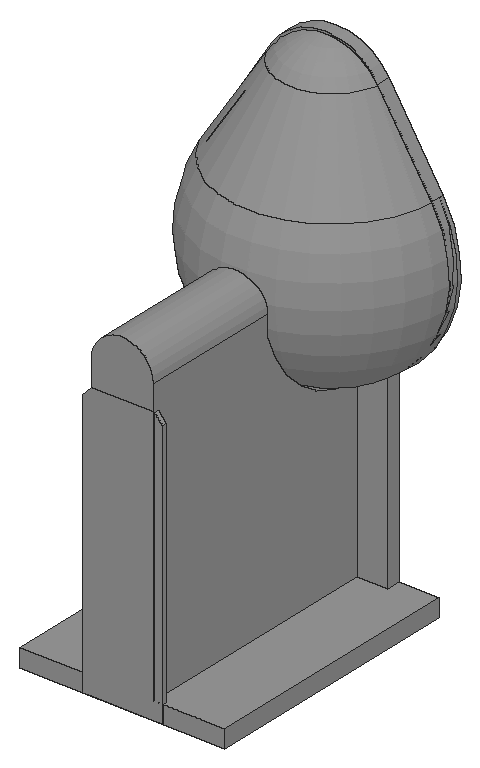
Revit family "Toilet-Willoughby-1490-HET-ETWS-FM-TS", category Plumbing Fixtures, host Face, Revit 2014
Parameters (values of type "Standard")
  Waste DIA = 2 1/4"
  Waste Connection = yes
  W-RAD [instance] = Waste DIA / 2  # 0' - 1 1/8"
  Vent Connection = no
  URL = "www.willoughby-ind.com"
  Type Comments = "Siphon Jet Flush"
  Revision = "A"
  Model = "ETWS-1490-HET-FM-TS"
  Manufacturer = "Willoughby Industries"
  HW Connection = no
  Flush inlet DIA = 1 1/2"
  Flush Inlet Connection = yes
  Fixture Body = Stainless Steel AISI 304-Willoughby
  F-RAD [instance] = Flush inlet DIA / 2  # 0' - 0 3/4"
  Description = "Floor Mounted Toilet"
  Default Elevation = 0' - 0"
  Contact Number = "(800) 428-4065"
  CW Connection = no
Reference planes (in)
  plane 1 "Base": y = -16.25
  plane 2: z = 0
  plane 3 "Center": x = 18.31072
  plane 4 "Seat HGT": y = -1.25
  plane 5: y = -2.125
  plane 6: x = 16.56072
  plane 7: x = 20.06072
  plane 8: x = 12.56072
  plane 9: x = 24.06072
  plane 10: z = 2.70924
  plane 11 "Waste HGT": y = -10.75
Forms (in)
  Extrusion 1, solid, material "Stainless Steel AISI 304-Willoughby" <- "Fixture Body"
    sketch origin (16.08109, 7.47968, -5.1422) x (-1, 0, 0) y (0, 0, -1)
      loop
        line (1.29775, -16.80087) -> (1.29775, -5.1422) -> (-5.72963, -5.1422) -> (-5.72963, -16.81676)
        arc (-5.72963, -16.81676) -> (-8.98136, -21.11843) -> (-8.21015, -26.45542) r 7
        line (-8.21015, -26.45542) -> (-5.16818, -31.31054)
        arc (-5.16818, -31.31054) -> (-2.20225, -32.95225) -> (0.76368, -31.31054) r 3.5
        line (0.76368, -31.31054) -> (3.80565, -26.45542)
        arc (3.80565, -26.45542) -> (4.5729, -21.10311) -> (1.29775, -16.80087) r 7
      loop
        arc (2.03989, -24.70557) -> (-2.20225, -18.23804) -> (-6.44438, -24.70557) r 4.625
        line (-6.44438, -24.70557) -> (-4.04125, -30.23842)
        arc (-4.04125, -30.23842) -> (-2.20225, -31.45225) -> (-0.36324, -30.23842) r 2
        line (-0.36324, -30.23842) -> (2.03989, -24.70557)
    from 8.72968 to 9.5
  Revolve 2, solid, material "Stainless Steel AISI 304-Willoughby" <- "Fixture Body"
    sketch origin (19.37246, -1.52032, -1.93826) x (-1, 0, 0) y (0, 0, -1)
      loop
        line (1.06174, -12.59906) -> (1.06174, -12.84906)
        arc (1.06174, -12.84906) -> (6.96784, -16.33096) -> (6.78077, -23.18447) r 6.75
        line (6.78077, -23.18447) -> (3.81535, -27.91457)
        arc (3.81535, -27.91457) -> (2.63527, -29.03194) -> (1.06174, -29.43826) r 3.25
        line (1.06174, -29.43826) -> (1.06174, -29.68826)
        arc (1.06174, -29.68826) -> (2.75672, -29.25045) -> (4.02767, -28.04656) r 3.5
        line (4.02767, -28.04656) -> (7.06964, -23.19143)
        arc (7.06964, -23.19143) -> (7.15052, -16.14555) -> (1.06174, -12.59906) r 7
      axis (1.06174, -12.59906) -> (1.06174, -29.68826)
    angle from 0 to -180
  Extrusion 3, solid, material "Stainless Steel AISI 304-Willoughby" <- "Fixture Body"
    sketch origin (19.53334, -3.02032, -2.9508) x (0, 1, 0) y (0, 0, 1)
      loop
        line (-5.27082, 2.9508) -> (1, 2.9508) -> (1, 13.76086)
        arc (1, 13.76086) -> (-2.93256, 15.26109) -> (-5.27082, 18.76086) r 6.92744
        line (-5.27082, 18.76086) -> (-5.27082, 2.9508)
    from 0.52738 to -2.97262
  Extrusion 4, solid, material "Stainless Steel AISI 304-Willoughby" <- "Fixture Body"
    sketch origin (0, 14.59309, 0) x (1, 0, 0) y (0, 1, 0)
      loop
        circle (18.31072, -25.34309) r 1.125
    from 1 to -3
  Extrusion 5, solid, material "Stainless Steel AISI 304-Willoughby" <- "Fixture Body"
    sketch origin (0, 1.11185, 0) x (1, 0, 0) y (0, 0, 1)
      loop
        circle (18.31072, 2.70924) r 0.75
    from 2.36185 to 1.42435
  Extrusion 6, solid, material "Stainless Steel AISI 304-Willoughby" <- "Fixture Body"
    sketch origin (0, -16.25, 0) x (1, 0, 0) y (0, 0, 1)
      loop
        line (24.06072, 0) -> (24.06072, 1) -> (12.56072, 1) -> (12.56072, 0) -> (24.06072, 0)
    from -15 to 0
  Extrusion 7, solid, material "Stainless Steel AISI 304-Willoughby" <- "Fixture Body"
    sketch origin (0, -16.25, 2) x (1, 0, 0) y (0, 0, 1)
      loop
        line (20.06072, -2) -> (20.06072, 14.90818)
        arc (20.06072, 14.90818) -> (18.31072, 16.65818) -> (16.56072, 14.90818) r 1.75
        line (16.56072, 14.90818) -> (16.56072, -2) -> (20.06072, -2)
    from 0 to -7.95886
  Extrusion 8, solid, material "Stainless Steel AISI 304-Willoughby" <- "Fixture Body"
    sketch origin (0, -16.25, 0) x (1, 0, 0) y (0, 0, 1)
      loop
        line (20.56072, 0) -> (20.56072, 15) -> (20.06072, 15.5) -> (16.56072, 15.5) -> (16.06072, 15) -> (16.06072, 0) -> (16.56072, 0) -> (20.06072, 0) -> (20.56072, 0)
    from 0 to -0.25
Cuts and joins
  joined: Extrusion 1, Extrusion 3, Extrusion 6, Extrusion 7
Lines and regions (in)
  symbolic lines
    curve 1: line (11.28334, -2.02032, 0) -> (11.28334, -1.25, 0)
    curve 2: line (11.28334, -1.25, 0) -> (25.28334, -1.25, 0)
    curve 3: line (25.28334, -1.25, 0) -> (25.28334, -2.02032, 0)
    curve 4: arc (25.28334, -2.02032, 0) -> (23.09313, -6.63388, 0) -> (18.31072, -8.42567, 0) r 6.80689
    curve 5: arc (18.31072, -8.42567, 0) -> (13.5366, -6.60582, 0) -> (11.28334, -2.02032, 0) r 6.97572
    curve 6: line (20.06072, -8.24384, 0) -> (20.06072, -16.25, 0)
    curve 7: line (20.06072, -16.25, 0) -> (16.56072, -16.25, 0)
    curve 8: line (16.56072, -16.25, 0) -> (16.56072, -8.22198, 0)
    curve 9: line (20.06072, -16, 0) -> (20.56072, -16, 0)
    curve 10: line (20.56072, -16, 0) -> (20.56072, -16.25, 0)
    curve 11: line (20.56072, -16.25, 0) -> (20.06072, -16.25, 0)
    curve 12: line (16.56072, -16.25, 0) -> (16.06072, -16.25, 0)
    curve 13: line (16.06072, -16.25, 0) -> (16.06072, -16, 0)
    curve 14: line (16.06072, -16, 0) -> (16.56072, -16, 0)
    curve 15: line (14.78334, -16.25, 11.65867) -> (14.78334, -16.25, 1)
    curve 16: line (14.78334, -16.25, 1) -> (12.56072, -16.25, 1)
    curve 17: line (12.56072, -16.25, 1) -> (12.56072, -16.25, 0)
    curve 18: line (12.56072, -16.25, 0) -> (24.06072, -16.25, 0)
    curve 19: line (24.06072, -16.25, 0) -> (24.06072, -16.25, 1)
    curve 20: line (24.06072, -16.25, 1) -> (21.81072, -16.25, 1)
    curve 21: line (21.81072, -16.25, 1) -> (21.81072, -16.25, 11.67456)
    curve 22: arc (21.81072, -16.25, 11.67456) -> (25.08219, -16.25, 15.93563) -> (24.31862, -16.25, 21.25317) r 6.91893
    curve 23: line (24.31862, -16.25, 21.25317) -> (21.25205, -16.25, 26.1639)
    curve 24: arc (21.25205, -16.25, 26.1639) -> (19.98062, -16.25, 27.37097) -> (18.28334, -16.25, 27.81005) r 3.5
    curve 25: arc (18.28334, -16.25, 27.81005) -> (16.58835, -16.25, 27.37224) -> (15.31741, -16.25, 26.16835) r 3.5
    curve 26: line (15.31741, -16.25, 26.16835) -> (12.27544, -16.25, 21.31322)
    curve 27: arc (12.27544, -16.25, 21.31322) -> (11.4489, -16.25, 15.94551) -> (14.78334, -16.25, 11.65867) r 6.86091
    curve 33: line (18.31072, -1.25, 0) -> (18.31072, -1.25, 27.81005)
    curve 34: line (18.31072, -1.25, 27.81005) -> (18.31072, -2.02032, 27.81005)
    curve 35: arc (18.31072, -2.02032, 27.81005) -> (18.31072, -3.31581, 27.28032) -> (18.31072, -4.32667, 26.31229) r 3.74829
    curve 36: line (18.31072, -4.32667, 26.31229) -> (18.31072, -7.52822, 21.25317)
    curve 37: arc (18.31072, -7.52822, 21.25317) -> (18.31072, -8.12776, 20.00538) -> (18.31072, -8.42353, 18.65299) r 5.96518
    curve 38: arc (18.31072, -8.42353, 18.65299) -> (18.31072, -8.30768, 17.23383) -> (18.31072, -8.29114, 15.81005) r 20.39456
    curve 39: arc (18.31072, -8.29114, 15.81005) -> (18.31072, -5.95289, 12.31029) -> (18.31072, -2.02032, 10.81005) r 6.92744
    curve 40: line (18.31072, -8.42353, 18.65299) -> (18.31072, -16.25, 18.65299)
    curve 41: line (18.31072, -16.25, 18.65299) -> (18.31072, -16.25, 0)
    curve 42: line (18.31072, -16.25, 0) -> (18.31072, -1.25, 0)
    curve 43: line (18.31072, -1.25, 1) -> (18.31072, -16.25, 1)
    curve 44: line (18.31072, -2.02032, 1) -> (18.31072, -2.02032, 11.75)
    curve 45: line (18.31072, -2.02032, 11.75) -> (18.31072, -1.25, 11.75)
    curve 46: arc (18.31072, -2.02032, 10.81005) -> (18.31072, -5.95289, 12.31029) -> (18.31072, -8.29114, 15.81005) r 6.92744
    curve 47: line (24.06072, -5.5301, 0) -> (24.06072, -16.25, 0)
    curve 48: line (12.56072, -16.25, 0) -> (12.56072, -5.50681, 0)
    curve 49: line (24.06072, -16.25, 0) -> (12.56072, -16.25, 0)
  symbolic lines, detail levels fine
    curve 28: arc (14.0412, -16.25, 19.56337) -> (18.28334, -16.25, 13.09585) -> (22.52547, -16.25, 19.56337) r 4.625
    curve 29: line (22.52547, -16.25, 19.56337) -> (20.12234, -16.25, 25.09622)
    curve 30: arc (20.12234, -16.25, 25.09622) -> (19.38317, -16.25, 25.97635) -> (18.28334, -16.25, 26.31005) r 2.01767
    curve 31: arc (18.28334, -16.25, 26.31005) -> (17.17969, -16.25, 25.98213) -> (16.44433, -16.25, 25.09622) r 1.9827
    curve 32: line (16.44433, -16.25, 25.09622) -> (14.0412, -16.25, 19.56337)
Dimensions and locks (in)
  plane 1 "Base" to plane 4 "Seat HGT" = 1' - 3"
  locked: plane 11 "Waste HGT" to plane 1 "Base" at 5.5
  locked: plane 1 "Base" to plane 11 "Waste HGT" at 5.5
  locked: plane 8 to plane 3 "Center" at 5.75
  "W-RAD": radius of Extrusion 4 sketch curve
  "F-RAD": radius of Extrusion 5 sketch curve
  aligned and locked: plane 2 to host face
  aligned and locked: level to host face
  aligned and locked: plane 3 "Center" to Extrusion 4 sketch curve
  aligned and locked: plane 3 "Center" to Extrusion 5 sketch curve
  aligned and locked: plane 10 to Extrusion 5 sketch curve
  aligned and locked: plane 11 "Waste HGT" to Extrusion 4 sketch curve
  aligned and locked: cut or joined group of Extrusion 1, Extrusion 3, Extrusion 6, Extrusion 7 to level
  aligned and locked: cut or joined group of Extrusion 1, Extrusion 3, Extrusion 6, Extrusion 7 to cut or joined group of Extrusion 1, Extrusion 3, Extrusion 6, Extrusion 7
Automatic sketch dimensions
  host sketch curve to host sketch curve = 3' - 9.87356"
  host sketch curve to host sketch curve = 3' - 3.61225"
  Extrusion 1 sketch curve to Extrusion 1 sketch curve = 0' - 0"  (x8)
  level to Extrusion 1 sketch curve = 0' - 0"
  plane 3 "Center" to Extrusion 1 sketch curve = 0' - 5.98052"
  Extrusion 1 sketch curve to Extrusion 1 sketch curve = 0' - 1.76576"  (x2)
  plane 3 "Center" to Extrusion 1 sketch curve = 0' - 3 1/2"
  plane 3 "Center" to Extrusion 1 sketch curve = 0' - 2.93855"
  Extrusion 1 sketch curve to Extrusion 1 sketch curve = 0' - 1.12693"  (x2)
  Extrusion 1 sketch curve to plane 3 "Center" = 0' - 0.02738"  (x2)
  Extrusion 1 sketch curve to plane 3 "Center" = 0' - 1.86639"
  Extrusion 1 sketch curve to plane 3 "Center" = 0' - 3.52738"
  Extrusion 1 sketch curve to plane 3 "Center" = 0' - 4 69/256"
  Extrusion 1 sketch curve to Extrusion 1 sketch curve = 0' - 11.65867"
  Extrusion 1 sketch curve to Extrusion 1 sketch curve = 0' - 0.01589"
  Extrusion 1 sketch curve to Extrusion 1 sketch curve = 0' - 6.06218"
  Extrusion 1 sketch curve to Extrusion 1 sketch curve = 0' - 1.74985"
  Extrusion 1 sketch curve to Extrusion 1 sketch curve = 0' - 4.74668"
  Extrusion 1 sketch curve to Extrusion 1 sketch curve = 0' - 0.78617"
  Extrusion 1 sketch curve to Extrusion 1 sketch curve = 0' - 1.07212"
  Revolve 2 sketch curve to Revolve 2 sketch curve = 0' - 0"  (x2)
  Revolve 2 sketch curve to plane 3 "Center" = 0' - 0"  (x3)
  plane 3 "Center" to Revolve 2 sketch curve = 0' - 0"
  Revolve 2 sketch curve to plane 3 "Center" = 0' - 2.75361"
  Revolve 2 sketch curve to Revolve 2 sketch curve = 0' - 0.21232"
  Revolve 2 sketch curve to Revolve 2 sketch curve = 0' - 2.96542"
  Revolve 2 sketch curve to Revolve 2 sketch curve = 0' - 0.28887"
  level to Revolve 2 sketch curve = 2' - 3 3/4"
  Revolve 2 sketch curve to Revolve 2 sketch curve = 0' - 0 1/4"
  Revolve 2 sketch curve to Revolve 2 sketch curve = 0' - 1.3917"
  Revolve 2 sketch curve to Revolve 2 sketch curve = 0' - 0.13199"
  Revolve 2 sketch curve to Revolve 2 sketch curve = 0' - 4.85513"
  Revolve 2 sketch curve to Revolve 2 sketch curve = 0' - 0.00696"
  Revolve 2 sketch curve to Revolve 2 sketch curve = 0' - 3 1/4"
  Revolve 2 sketch curve to Revolve 2 sketch curve = 0' - 3.3392"
  Revolve 2 sketch curve to Revolve 2 sketch curve = 0' - 2.4108"
  level to Extrusion 3 sketch curve = 0' - 0"
  plane 5 to Extrusion 3 sketch curve = 0' - 0.10468"
  plane 4 "Seat HGT" to Extrusion 3 sketch curve = 0' - 0.38413"
  Extrusion 3 sketch curve to Extrusion 3 sketch curve = 0' - 10.81005"
  Extrusion 3 sketch curve to Extrusion 3 sketch curve = 0' - 5"
  Extrusion 6 sketch curve to plane 8 = 0' - 0"
  Extrusion 6 sketch curve to plane 9 = 0' - 0"
  Extrusion 6 sketch curve to level = 0' - 0"
  level to Extrusion 6 sketch curve = 0' - 1"
  level to Extrusion 7 sketch curve = 0' - 0"
  Extrusion 7 sketch curve to plane 7 = 0' - 0"
  plane 10 to Extrusion 7 sketch curve = 1' - 2.19894"
  plane 6 to Extrusion 7 sketch curve = 0' - 0"
  Extrusion 3 sketch curve to Extrusion 3 sketch curve = 0' - 6.27082"
  Extrusion 8 sketch curve to level = 0' - 0"
  Extrusion 8 sketch curve to plane 6 = 0' - 0"  (x2)
  Extrusion 8 sketch curve to plane 7 = 0' - 0"  (x2)
  Extrusion 8 sketch curve to Extrusion 8 sketch curve = 0' - 0 1/2"  (x3)
  plane 7 to Extrusion 8 sketch curve = 0' - 0 1/2"
  plane 10 to Extrusion 8 sketch curve = 1' - 0.29076"
  curve 24 to curve 25 = 0' - 0"
  curve 18 to level = 0' - 0"
  curve 18 to plane 8 = 0' - 0"
  curve 19 to plane 9 = 0' - 0"
  curve 26 to plane 8 = 0' - 0.28528"
  curve 15 to plane 6 = 0' - 1.77738"
  curve 26 to plane 6 = 0' - 1.24331"
  curve 27 to plane 3 "Center" = 0' - 0.22129"
  curve 30 to plane 3 "Center" = 0' - 0.03902"
  curve 30 to curve 31 = 0' - 0.0002"
  curve 28 to plane 3 "Center" = 0' - 0.02738"
  curve 31 to curve 25 = 0' - 0.01144"
  plane 3 "Center" to curve 22 = 0' - 0.07815"
  plane 7 to curve 29 = 0' - 0.06162"
  plane 7 to curve 23 = 0' - 1.19133"
  plane 7 to curve 21 = 0' - 1 3/4"
  curve 29 to plane 9 = 0' - 1.53525"
  plane 9 to curve 23 = 0' - 0.2579"
  level to curve 16 = 0' - 1"
  level to curve 20 = 0' - 1"
  plane 10 to curve 15 = 0' - 8.94943"
  curve 15 to curve 21 = 0' - 0.01589"
  curve 15 to curve 27 = 0' - 6.01181"
  curve 27 to curve 22 = 0' - 0.01762"
  curve 22 to curve 28 = 0' - 0.03275"
  curve 29 to curve 22 = 0' - 1.6898"
  curve 29 to curve 30 = 0' - 4.72905"
  curve 30 to curve 24 = 0' - 0.01763"
  curve 25 to curve 31 = 0' - 0.01733"
  curve 25 to curve 29 = 0' - 0.78617"
  curve 29 to curve 23 = 0' - 1.06768"
  plane 8 to curve 28 = 0' - 1 123/256"
  curve 31 to plane 6 = 0' - 0.11639"
  curve 31 to curve 30 = 0' - 0"
  curve 39 to curve 46 = 0' - 0"
  curve 42 to level = 0' - 0"
  curve 42 to plane 1 "Base" = 0' - 0"
  curve 42 to plane 4 "Seat HGT" = 0' - 0"
  plane 1 "Base" to curve 38 = 1' - 0.43017"
  plane 11 "Waste HGT" to curve 40 = 0' - 2.32647"
  curve 40 to curve 36 = 0' - 0.89531"
  curve 36 to plane 5 = 0' - 2.20167"
  curve 37 to plane 5 = 0' - 0.36257"
  plane 5 to curve 45 = 0' - 0.10468"
  plane 5 to curve 34 = 0' - 0.10468"
  plane 4 "Seat HGT" to curve 39 = 0' - 0.38413"
  plane 4 "Seat HGT" to curve 35 = 0' - 0.02434"
  plane 10 to curve 45 = 0' - 9.04076"
  plane 10 to curve 38 = 1' - 1.57584"
  curve 45 to curve 46 = 0' - 5.97672"
  curve 39 to curve 37 = 0' - 0.33659"
  curve 38 to curve 41 = 0' - 2.36791"
  curve 37 to curve 35 = 0' - 6.07343"
  curve 35 to curve 36 = 0' - 2.17556"
  plane 11 "Waste HGT" to curve 46 = 0' - 2.45886"
  level to curve 43 = 0' - 1"
  curve 46 to curve 39 = 0' - 0"
  plane 4 "Seat HGT" to curve 1 = 0' - 0"
  curve 48 to plane 8 = 0' - 0"
  plane 1 "Base" to curve 13 = 0' - 0"
  curve 12 to plane 6 = 0' - 0"
  curve 4 to plane 3 "Center" = 0' - 0"
  curve 6 to plane 7 = 0' - 0"
  curve 47 to plane 9 = 0' - 0"
  plane 1 "Base" to curve 47 = 0' - 0"
  plane 5 to curve 1 = 0' - 0.10468"
  curve 1 to plane 8 = 0' - 1.27738"
  curve 13 to plane 1 "Base" = 0' - 0 1/4"
  curve 13 to curve 14 = 0' - 0 1/2"
  curve 5 to plane 3 "Center" = 0' - 0.07499"
  plane 3 "Center" to curve 4 = 0' - 0.17744"
  curve 10 to plane 1 "Base" = 0' - 0 1/4"
  plane 7 to curve 10 = 0' - 0 1/2"
  plane 9 to curve 2 = 0' - 1.22262"
  plane 5 to curve 3 = 0' - 0.10468"
  plane 4 "Seat HGT" to curve 4 = 0' - 0 95/256"
Connectors (in)
  piping at (18.31072, -10.75, -3), diameter 2.25, driven by "W-RAD", driven by "Waste Connection"
    settings: on Extrusion 4, index 1, connector inside diameter 2 1/4", connector length 0' - 0", flow factor 0, pipe flow 0 GPM, pressure drop 0.00 psi, fitting loss kfactor 0, connector angle 0.00°, fixture units 0, engagement length 0' - 0", angle of deflection 0.00°, flow configuration 0, flow direction 2, fitting loss method 0, system type 16, joint type 0, gender type 0, connector reference index -1, connector utility 1, adjustable connector yes, is connector primary yes, connector description "Toilet Waste"
  piping at (18.31072, -0.3125, 2.70924), diameter 1.5, driven by "F-RAD", driven by "Flush Inlet Connection"
    settings: on Extrusion 5, index 2, connector inside diameter 1 1/2", connector length 0' - 0", flow factor 0, pipe flow 0 GPM, pressure drop 0.00 psi, fitting loss kfactor 0, connector angle 0.00°, fixture units 0, engagement length 0' - 0", angle of deflection 0.00°, flow configuration 0, flow direction 1, fitting loss method 0, system type 20, joint type 0, gender type 0, connector reference index -1, connector utility 1, adjustable connector no, is connector primary no, connector description "Flush Inlet"
